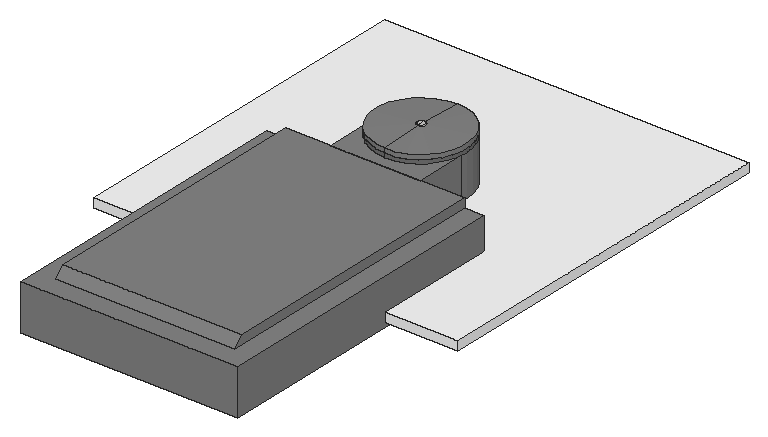
Revit family "BE_84590_de_DE", category Leuchten, Revit 2020
Family settings
  Basisbauteil = Fläche
  Bemaßung runder Anschluss = Durchmesser verwenden
  Teiletyp = Normal
  Beim Laden mit Abzugskörper schneiden = Ja
  Lichtquelle = Ja
  Gemeinsam genutzt = Nein
  Raumberechnungspunkt = Ja
Parameters (values of type "BEGA_84590_Grafit_K3")
  built-in parameter 1150104 = 16.695 (stored number, unit not read)
  Wattage = 33.5 W
  Default Elevation = 0 mm
  built-in parameter 1150113 = 1 (stored number, unit not read)
  built-in parameter 1114218 = 1 (stored number, unit not read)
  Umgebungstemperatur = "25 °C"
  URL = "https://www.bega.com/de/produkt/84590"
  Typenkommentare = "© 2022 BEGA. Wir behalten uns das Recht vor, technische Änderungen ohne vorherige Ankündigung vorzunehmen."  # constant formula
  Type Image = 84590.png
  built-in parameter 1150134 = (empty or 0)
  built-in parameter 1150109 = 1 (stored number, unit not read)
  Strom = ""
  built-in parameter 1150110 = 1 (stored number, unit not read)
  Spannung = 239.996 V
  Sonderanfertigung = no
  Seriennummer [instance] = "Hier können Sie die eindeutige Seriennummer für das Facility Management eintragen."
  Schutzklasse = "II"
  Schutzart = "IP 66"
  Scheinlast = 0 VA
  Produktdatenblatt = "https://cdn.bega.com/bega/products/84590K4/current/documents/data-sheets/de"
  Oberflächentemperatur = ""
  Neigungswinkel = 0.00°
  Modell = "84590K3"
  Material_18 = BEGA_Gummi_schwarz
  Material_17 = BEGA_Reflektor
  Material_15 = BEGA_Leuchtmedium_matt
  Material_11 = BEGA_Glas_opal
  Material_09 = BEGA_Glas_klar
  Material_06 = BEGA_Oberfläche_Edelstahl_gebürstet
  Material_03 = BEGA_Oberfläche_Weiss_matt
  Material_02 = BEGA_Oberfläche_Silber_matt
  Material_01 [instance] = BEGA_Oberfläche_Grafit_matt
  M_W = no
  M_G = yes
  M_A = no
  Logo = 0
  built-in parameter 1114217 = 1 (stored number, unit not read)
  built-in parameter 1150139 = (empty or 0)
  built-in parameter 1150105 = 479.05 (stored number, unit not read)
  built-in parameter 1150114 = 1 (stored number, unit not read)
  Lumens = 6019.95 lm
  built-in parameter 1150115 = 1 (stored number, unit not read)
  Leuchtenlichtstrom = "4668 lm"
  Leuchtenanzahl = ""
  Lebensdauerkriterien = "L70B50 @ 25 °C = 200000 h"
  Lastklassifizierung = Beleuchtung
  built-in parameter 1150112 = 1 (stored number, unit not read)
  Lampenlichtstrom = "6020 lm"
  Lampe = "LED 31 W"
  LED_Modulbezeichnung = "2x LED-1078/830"
  Hersteller = "BEGA"  # constant formula
  Halbstreuwinkel = ""
  Gewicht = "5.6 kg"
  Gebrauchslageneinschränkung [instance] = ""
  Frequenz = "0/50-60 Hz"
  Farbwiedergabeindex = "CRI > 80"
  Farbtemperaturverschiebung bei Dämpfen der Lampe = <Keine Auswahl>
  Farbtemperatur = "3000 K"
  Color Filter = 16777215
  built-in parameter 1150133 = 10 (stored number, unit not read)
  Energieeffizienzklasse = "LED A++ - A"
  built-in parameter 1150137 = (empty or 0)
  built-in parameter 1150132 = (empty or 0)
  ENEC = "ja"
  Dimmbar [instance] = "DALI"
  Datei für fotometrisches Netz = "BE_84590K3.IES"
  CE_Konformität = "ja"
  Bestellnummer = "84590K3"
  Beschreibung_Sonderanfertigung = "Hier können Sie Informationen zur Sonderanfertigung eintragen."
  Beschreibung = "Aufsatzleuchte"
  built-in parameter 1150106 = 4.7905 (stored number, unit not read)
  Befestigungsbohrung = ""
  Befestigungsabstand = ""
  Ballwurfsicher = ""
  BEGA_Intern_aus = yes
  BEGA_Intern_an = yes
  BEGA_Intern_Konstruktion = yes
  BEGA_Intern = yes
  BEGA_IES = yes
  BEGA_Dummy = no
  Anschlussleitung = "8.0 m X05BQ-F 4 × 1 mm²"
  Anschlussleistung [instance] = "33.5 W"
  Anschlusskasten = ""
  built-in parameter 1150107 = 3000 (stored number, unit not read)
  built-in parameter 1150102 = (empty or 0)
  built-in parameter 1150138 = (empty or 0)
  Aktualisierung = "2022-05-19T04:00:07"
  Abstand_zur_angestrahlten_Fläche [instance] = ""
  AC/DC = "AC/DC"
Types (2, lengths in mm): name | built-in parameter 1150104 | built-in parameter 1150134 | Modell | built-in parameter 1150105 | Lumens | Leuchtenlichtstrom | Lampenlichtstrom | LED_Modulbezeichnung | Farbtemperatur | Datei für fotometrisches Netz | Bestellnummer | built-in parameter 1150106 | built-in parameter 1150107
  BEGA_84590_Grafit_K3 | 16.695 (stored number, unit not read) | (empty or 0) | "84590K3" | 479.05 (stored number, unit not read) | 6019.95 lm | "4668 lm" | "6020 lm" | "2x LED-1078/830" | "3000 K" | "BE_84590K3.IES" | "84590K3" | 4.7905 (stored number, unit not read) | 3000 (stored number, unit not read)
  BEGA_84590_Grafit_K4 | 17.167 (stored number, unit not read) | 12 | "84590K4" | 492.59 (stored number, unit not read) | 6190.13 lm | "4800 lm" | "6190 lm" | "2x LED-1078/840" | "4000 K" | "BE_84590K4.IES" | "84590K4" | 4.9259 (stored number, unit not read) | 4000 (stored number, unit not read)
Reference planes
  plane 1 "Mitte (Vorne/Hinten)": y = 0
  plane 2: z = 0
  plane 3 "Mitte (Links/Rechts)": x = 0
  plane 4 "Links": x = -119.52
  plane 5 "Rechts": x = 119.52
  plane 6 "Unten": y = -401.92
  plane 7 "Oben": y = 50
  plane 8 "Vorne": z = 56.3
  plane 9 "Hinten": z = -100
Forms (mm)
  Extrusion 1, solid, material "BEGA_Platte_Weiss"
    sketch origin (0, -1119.2, 0) x (1, 0, 0) y (0, 1, 0)
      loop
        line (-200, 1319.2) -> (-200, 919.2) -> (200, 919.2) -> (200, 1319.2) -> (-200, 1319.2)
    from 0 to -10
  Extrusion 2, solid, material "BEGA_Dummy_matt", visible <- "BEGA_Dummy"
    sketch origin (80.095, -76.023, 0) x (1, 0, 0) y (0, 1, 0)
      loop
        line (-199.615, 126.023) -> (-199.615, -325.897) -> (39.425, -325.897) -> (39.425, 126.023) -> (-199.615, 126.023)
    from -15.3 to 56.3
Dimensions and locks
  plane 1 "Mitte (Vorne/Hinten)" to Extrusion 1 = 200 mm
  aligned and locked: plane 2 to Extrusion 1
  aligned and locked: level to Extrusion 1
Nested families
  nested 1: "BE_84590" at (0, 0, 0), type "BE_84590"
Connectors
  electrical at (0, 0, 0), driven by "Lastklassifizierung", driven by "Spannung", driven by "Scheinlast"
    settings: index 1, voltage 239.996 V, apparent load 0 VA, apparent load phase1 0 VA, apparent load phase2 0 VA, apparent load phase3 0 VA, power factor 1, load classification "Beleuchtung", number of poles 1, system type 31, power factor state 1, is connector primary yes, connector utility no, sub classification motor no, connector description ""
Definition of nested family "BE_84590"
  Parameters (values of type "BE_84590")
    Default Elevation = 1 mm
    URL = "http://www.bega.de/de/produkt"
    Type Comments = "© 2015 BEGA. Wir behalten uns das Recht vor, technische Änderungen ohne vorherige Ankündigung vorzunehmen. "  # constant formula
    Type Image = (empty or 0)
    Neigungswinkel_um_Z2 = 0.00°
    Neigungswinkel_um_Z1 = 0.00°
    Neigungswinkel_um_Y2 = 0.00°
    Neigungswinkel_um_Y1 = 0.00°
    Neigungswinkel_um_X2 = 0.00°
    Neigungswinkel_um_X1 = 0.00°
    Material_18 = none
    Material_17 = none
    Material_15 = none
    Material_11 = none
    Material_09 = none
    Material_06 = none
    Material_02 = none
    Material_01 = none
    M_W = yes
    M_G = yes
    M_A = yes
    Länge_Platte = 200 mm  # constant formula
    Höhe_Platte = -10 mm  # constant formula
    Manufacturer = "BEGA"  # constant formula
    Drehwinkel_um_Z2 = 0.00°
    Drehwinkel_um_Z1 = 0.00°
    Breite_Platte = 200 mm  # constant formula
  Reference planes
    plane 1 "Mitte (Oben/Unten)": y = 0
    plane 2: z = 0
    plane 3 "Mitte (Links/Rechts)": x = 0
    plane 4: y = 50
    plane 5: y = -401.92
    plane 6: x = -119.52
    plane 7: x = 119.52
    plane 8: z = -100
    plane 9: z = 56.3
  Forms (mm)
    Extrusion 1, solid, detail levels medium
      sketch origin (0, 0, 0) x (1, 0, 0) y (0, 1, 0)
        loop
          line (-100, 100) -> (-100, -100) -> (100, -100) -> (100, 100) -> (-100, 100)
      from 0 to -10 <- "Höhe_Platte"
    Revolve 2, solid, material <- "Material_01"
      sketch origin (0, 0, 0) x (0, 1, 0) y (0, 0, 1)
        loop
          arc (49.913, 53.5) -> (27.246, 54.905) -> (4.543, 55.483) r 623.82
          line (4.543, 55.483) -> (4.5, 50.5) -> (2.676, 50.5) -> (2.5, 47.5) -> (42.041, 47.5) -> (42.093, 43) -> (44.904, 43) -> (45, 48.5) -> (50, 48.5) -> (49.913, 53.5)
        axis (0, 55.483) -> (0, 43)
      angle from 0 to 360
    Revolve 3, solid, material <- "Material_18"
      sketch origin (0, 0, 0) x (0, 1, 0) y (0, 0, 1)
        loop
          line (50, 44.5) -> (50, 48.5) -> (45, 48.5) -> (45, 44.5) -> (50, 44.5)
        axis (0, 48.5) -> (0, 44.5)
      angle from 0 to 360
    Revolve 4, solid, material <- "Material_01"
      sketch origin (0, 0, 0) x (0, 1, 0) y (0, 0, 1)
        loop
          line (50, -15.5) -> (50, 44.5) -> (46, 44.5) -> (43.308, 6) -> (24, 6) -> (22.237, -95) -> (0, -95) -> (0, -100) -> (24.201, -100) -> (27.307, -97) -> (29, 0) -> (38.75, 0) -> (38.885, -15.5) -> (50, -15.5)
        axis (0, 44.5) -> (0, -100)
      angle from 0 to 360
    Extrusion 5, solid, material <- "Material_09"
      sketch origin (0, 0, 0) x (0, 1, 0) y (0, 0, 1)
        loop
          line (-198.009, -11.3) -> (-394.161, -11.3) -> (-394.161, -15.3) -> (-198.009, -15.3) -> (-198.009, -11.3)
      from -111.791 to 111.791
    Extrusion 6, solid, material <- "Material_01"
      sketch origin (0, 0, 0) x (1, 0, 0) y (0, 1, 0)
        loop
          line (115.955, -398.355) -> (115.955, -66.445) -> (-115.955, -66.445) -> (-115.955, -398.355) -> (115.955, -398.355)
        loop
          line (-111.791, -198.009) -> (-111.791, -394.161) -> (111.791, -394.161) -> (111.791, -198.009) -> (-111.791, -198.009)
      from -15.7 to -12.7
    Extrusion 7, solid, material <- "Material_01"
      sketch origin (0, 0, 0) x (1, 0, 0) y (0, 1, 0)
        loop
          line (-49.433, -62.88) -> (49.433, -62.88) -> (49.433, -7.51)
          arc (49.433, -7.51) -> (32.592, -37.918) -> (0, -50) r 50
          arc (0, -50) -> (-32.592, -37.918) -> (-49.433, -7.51) r 50
          line (-49.433, -7.51) -> (-49.433, -62.88)
      from -15.5 to 44.5
    Extrusion 8, solid, material <- "Material_01"
      sketch origin (0, 0, 0) x (1, 0, 0) y (0, 1, 0)
        loop
          line (-119.52, -62.88) -> (-119.52, -401.92) -> (119.52, -401.92) -> (119.52, -62.88) -> (-119.52, -62.88)
        loop
          line (-115.955, -66.841) -> (-115.955, -398.355) -> (115.955, -398.355) -> (115.955, -66.841) -> (-115.955, -66.841)
      from -15.7 to 34.7
    Extrusion 9, solid, material <- "Material_01"
      sketch origin (0, 0, 0) x (1, 0, 0) y (0, 1, 0)
        loop
          line (119.52, -62.88) -> (-119.52, -62.88) -> (-119.52, -401.92) -> (119.52, -401.92) -> (119.52, -62.88)
      from 31.77 to 34.7
    Extrusion 10, solid, material <- "Material_01"
      sketch origin (0, 0, 0) x (0, 1, 0) y (0, 0, 1)
        loop
          line (-369.622, 44.5) -> (-379.422, 34.7) -> (-62.88, 34.7) -> (-62.88, 44.5) -> (-369.622, 44.5)
      from -98.5 to 98.5
    Revolve 11, solid, material <- "Material_06"
      sketch origin (0, 0, 0) x (0, 1, 0) y (0, 0, 1)
        loop
          line (0, 56.3) -> (-4.25, 56.3) -> (-4.25, 51.3) -> (0, 51.3) -> (0, 56.3)
        axis (0, 51.3) -> (0, 56.3)
      angle from 0 to 360
    Extrusion 12, solid, material <- "Material_17"
      sketch origin (0, 0, 0) x (0, 1, 0) y (0, 0, 1)
        loop
          line (-386.9, -11.2) -> (-382.9, -11.2) -> (-332.903, 27.77) -> (-302.89, 27.77)
          arc (-302.89, 27.77) -> (-298.38, 8.543) -> (-297.9, -11.2) r 96
          line (-297.9, -11.2) -> (-294.9, -11.2) -> (-244.903, 27.77) -> (-214.89, 27.77)
          arc (-214.89, 27.77) -> (-210.38, 8.543) -> (-209.9, -11.2) r 96
          line (-209.9, -11.2) -> (-206.7, -11.2) -> (-206.642, -9.7) -> (-208.291, -9.7)
          arc (-208.291, -9.7) -> (-209.028, 9.75) -> (-213.613, 28.665) r 97.5
          line (-213.613, 28.665) -> (-246.194, 28.665) -> (-296.338, -10.419)
          arc (-296.338, -10.419) -> (-296.979, 9.393) -> (-301.613, 28.665) r 97.5
          line (-301.613, 28.665) -> (-334.194, 28.665) -> (-383.416, -9.7) -> (-386.9, -9.7) -> (-386.9, -11.2)
      from -102.5 to 102.5
    Extrusion 13, solid, material <- "Material_17"
      sketch origin (0, 0, 0) x (1, 0, 0) y (0, 0, 1)
        loop
          arc (0, 17.865) -> (-36.29, 26.056) -> (-73.35, 29.3) r 276.5
          line (-73.35, 29.3) -> (-73.35, 27.8)
          arc (-73.35, 27.8) -> (-36.285, 24.537) -> (0, 16.3) r 275
          arc (0, 16.3) -> (36.285, 24.537) -> (73.35, 27.8) r 275
          line (73.35, 27.8) -> (73.35, 29.3)
          arc (73.35, 29.3) -> (36.289, 26.056) -> (0, 17.865) r 276.5
        loop
          line (-99.956, 28.1) -> (-101.085, 28.1)
          arc (-101.085, 28.1) -> (-96.517, 7.797) -> (-85.251, -9.7) r 59.638
          line (-85.251, -9.7) -> (-102.558, -9.7) -> (-102.558, -10.644) -> (-84.132, -10.644) -> (-84.132, -9.7)
          arc (-84.132, -9.7) -> (-95.194, 7.881) -> (-99.956, 28.1) r 63.168
        loop
          arc (99.956, 28.1) -> (95.194, 7.881) -> (84.132, -9.7) r 63.168
          line (84.132, -9.7) -> (84.132, -10.644) -> (102.558, -10.644) -> (102.558, -9.7) -> (85.251, -9.7)
          arc (85.251, -9.7) -> (96.517, 7.797) -> (101.085, 28.1) r 59.638
          line (101.085, 28.1) -> (99.956, 28.1)
      from 206.7 to 386.9
    Extrusion 14, void
      sketch origin (0, 0, 0) x (1, 0, 0) y (0, 1, 0)
        loop
          line (-76.862, -244.038) -> (-76.862, -216.762) -> (-96.138, -216.762) -> (-96.138, -244.038) -> (-76.862, -244.038)
        loop
          line (76.862, -244.038) -> (96.138, -244.038) -> (96.138, -216.762) -> (76.862, -216.762) -> (76.862, -244.038)
        loop
          line (-76.862, -332.038) -> (-76.862, -304.762) -> (-96.138, -304.762) -> (-96.138, -332.038) -> (-76.862, -332.038)
        loop
          line (76.862, -332.038) -> (96.138, -332.038) -> (96.138, -304.762) -> (76.862, -304.762) -> (76.862, -332.038)
      from 30.046 to 16.3
    Extrusion 15, solid, material <- "Material_01"
      sketch origin (0, 0, 0) x (1, 0, 0) y (0, 1, 0)
        loop
          line (97.5, -208.1) -> (-97.5, -208.1) -> (-97.5, -384.1) -> (97.5, -384.1) -> (97.5, -208.1)
        loop
          line (110.75, -198.85) -> (-110.75, -198.85) -> (-110.75, -393.35) -> (110.75, -393.35) -> (110.75, -198.85)
      from -11.3 to -10.419
    Extrusion 16, solid, material <- "Material_15"
      sketch origin (0, 0, 0) x (1, 0, 0) y (0, 1, 0)
        loop
          line (-95.319, -217.581) -> (-95.319, -243.219) -> (-77.681, -243.219) -> (-77.681, -217.581) -> (-95.319, -217.581)
        loop
          line (95.319, -217.581) -> (77.681, -217.581) -> (77.681, -243.219) -> (95.319, -243.219) -> (95.319, -217.581)
        loop
          line (-95.319, -305.581) -> (-95.319, -331.219) -> (-77.681, -331.219) -> (-77.681, -305.581) -> (-95.319, -305.581)
        loop
          line (95.319, -305.581) -> (77.681, -305.581) -> (77.681, -331.219) -> (95.319, -331.219) -> (95.319, -305.581)
      from 28.665 to 30.3
  Cuts and joins
    joined: Revolve 4, Extrusion 7
    Extrusion 14 cuts Extrusion 8
    Extrusion 14 cuts Extrusion 9
    Extrusion 14 cuts Extrusion 10
    joined: Extrusion 8, Extrusion 9, Extrusion 10
    Extrusion 14 cuts Extrusion 13
    Extrusion 14 cuts Extrusion 12
  Dimensions and locks
    equal spacing: Extrusion 1 sketch curve, plane 3 "Mitte (Links/Rechts)", Extrusion 1 sketch curve
    equal spacing: Extrusion 1 sketch curve, plane 1 "Mitte (Oben/Unten)", Extrusion 1 sketch curve
    "Länge_Platte": Extrusion 1 sketch curve to Extrusion 1 sketch curve
    "Breite_Platte": Extrusion 1 sketch curve to Extrusion 1 sketch curve
    aligned and locked: plane 2 to Extrusion 1
    aligned and locked: level to Extrusion 1
  Automatic sketch dimensions
    level to Revolve 2 sketch curve = 43 mm
    Revolve 2 sketch curve to Revolve 2 sketch curve = 2.811 mm
    Revolve 2 sketch curve to Revolve 2 sketch curve = 0.096 mm
    Revolve 2 sketch curve to Revolve 2 sketch curve = 4.913 mm
    Revolve 2 sketch curve to Revolve 2 sketch curve = 0.087 mm
    Revolve 2 sketch curve to Revolve 2 sketch curve = 5.5 mm
    Revolve 2 sketch curve to Revolve 2 sketch curve = 5 mm
    Revolve 2 sketch curve to Revolve 2 sketch curve = 2.959 mm
    Revolve 2 sketch curve to Revolve 2 sketch curve = 1 mm
    Revolve 2 sketch curve to plane 1 "Mitte (Oben/Unten)" = 0 mm  (x2)
    Revolve 2 sketch curve to plane 1 "Mitte (Oben/Unten)" = 4.543 mm
    Revolve 2 sketch curve to Revolve 2 sketch curve = 4.983 mm
    Revolve 2 sketch curve to plane 1 "Mitte (Oben/Unten)" = 2.676 mm
    Revolve 2 sketch curve to plane 1 "Mitte (Oben/Unten)" = 2.5 mm
    Revolve 2 sketch curve to Revolve 2 sketch curve = 1.824 mm
    Revolve 2 sketch curve to Revolve 2 sketch curve = 3 mm
    Revolve 2 sketch curve to Revolve 2 sketch curve = 37.541 mm
    Revolve 3 sketch curve to plane 1 "Mitte (Oben/Unten)" = 45 mm
    level to Revolve 3 sketch curve = 44.5 mm
    Revolve 3 sketch curve to Revolve 3 sketch curve = 5 mm
    Revolve 3 sketch curve to Revolve 3 sketch curve = 4 mm
    Extrusion 5 sketch curve to level = 15.3 mm
    Extrusion 5 sketch curve to Extrusion 5 sketch curve = 4 mm
    Extrusion 6 sketch curve to Extrusion 6 sketch curve = 4.194 mm
    plane 1 "Mitte (Oben/Unten)" to Extrusion 6 sketch curve = 66.445 mm
    plane 1 "Mitte (Oben/Unten)" to Extrusion 7 sketch curve = 7.51 mm  (x2)
    plane 1 "Mitte (Oben/Unten)" to Extrusion 7 sketch curve = 0 mm
    plane 3 "Mitte (Links/Rechts)" to Extrusion 7 sketch curve = 49.433 mm
    Extrusion 7 sketch curve to Extrusion 7 sketch curve = 12.88 mm
    Extrusion 7 sketch curve to Extrusion 7 sketch curve = 0 mm
    Extrusion 7 sketch curve to plane 3 "Mitte (Links/Rechts)" = 0 mm
    Extrusion 8 sketch curve to Extrusion 8 sketch curve = 3.565 mm  (x3)
    Extrusion 8 sketch curve to Extrusion 8 sketch curve = 3.961 mm
    plane 1 "Mitte (Oben/Unten)" to Extrusion 8 sketch curve = 62.88 mm
    plane 1 "Mitte (Oben/Unten)" to Extrusion 9 sketch curve = 62.88 mm
    plane 1 "Mitte (Oben/Unten)" to Extrusion 10 sketch curve = 62.88 mm
    level to Extrusion 10 sketch curve = 34.7 mm
    Extrusion 10 sketch curve to Extrusion 10 sketch curve = 9.8 mm  (x2)
    plane 1 "Mitte (Oben/Unten)" to Revolve 11 sketch curve = 4.25 mm
    level to Revolve 11 sketch curve = 51.3 mm
    Revolve 11 sketch curve to Revolve 11 sketch curve = 5 mm
    Revolve 11 sketch curve to plane 1 "Mitte (Oben/Unten)" = 0 mm
    Extrusion 12 sketch curve to Extrusion 12 sketch curve = 0 mm  (x6)
    Extrusion 12 sketch curve to level = 3.649 mm  (x2)
    Extrusion 12 sketch curve to Extrusion 12 sketch curve = 6.703 mm
    Extrusion 12 sketch curve to Extrusion 12 sketch curve = 3.484 mm
    Extrusion 12 sketch curve to Extrusion 12 sketch curve = 0.516 mm
    level to Extrusion 12 sketch curve = 28.665 mm
    Extrusion 12 sketch curve to Extrusion 12 sketch curve = 49.222 mm
    Extrusion 12 sketch curve to Extrusion 12 sketch curve = 1.291 mm
    Extrusion 12 sketch curve to Extrusion 12 sketch curve = 27.3 mm
    Extrusion 12 sketch curve to Extrusion 12 sketch curve = 30.013 mm  (x2)
    Extrusion 12 sketch curve to Extrusion 12 sketch curve = 1.276 mm  (x2)
    Extrusion 12 sketch curve to Extrusion 12 sketch curve = 7.703 mm
    Extrusion 12 sketch curve to level = 10.419 mm
    Extrusion 12 sketch curve to level = 11.2 mm  (x3)
    Extrusion 12 sketch curve to Extrusion 12 sketch curve = 1.438 mm
    Extrusion 12 sketch curve to Extrusion 12 sketch curve = 1.292 mm
    Extrusion 12 sketch curve to Extrusion 12 sketch curve = 1.609 mm
    Extrusion 12 sketch curve to Extrusion 12 sketch curve = 1.591 mm
    Extrusion 12 sketch curve to Extrusion 12 sketch curve = 0.058 mm
    Extrusion 12 sketch curve to Extrusion 12 sketch curve = 1.5 mm  (x2)
    Extrusion 14 sketch curve to plane 3 "Mitte (Links/Rechts)" = 96.138 mm
    Extrusion 14 sketch curve to Extrusion 14 sketch curve = 0 mm  (x2)
    Extrusion 14 sketch curve to Extrusion 14 sketch curve = 19.276 mm  (x4)
    plane 3 "Mitte (Links/Rechts)" to Extrusion 14 sketch curve = 76.862 mm  (x2)
    Extrusion 14 sketch curve to Extrusion 14 sketch curve = 27.276 mm  (x4)
    Extrusion 14 sketch curve to Extrusion 14 sketch curve = 60.724 mm  (x2)
    plane 3 "Mitte (Links/Rechts)" to Extrusion 15 sketch curve = 97.5 mm
    Extrusion 15 sketch curve to Extrusion 15 sketch curve = 13.25 mm  (x2)
    Extrusion 15 sketch curve to Extrusion 15 sketch curve = 176 mm
    Extrusion 15 sketch curve to Extrusion 15 sketch curve = 9.25 mm  (x2)
    Extrusion 15 sketch curve to plane 3 "Mitte (Links/Rechts)" = 97.5 mm
    Extrusion 13 sketch curve to Extrusion 13 sketch curve = 0 mm  (x7)
    Extrusion 13 sketch curve to level = 9.7 mm  (x3)
    Extrusion 13 sketch curve to Extrusion 13 sketch curve = 1.474 mm
    Extrusion 13 sketch curve to Extrusion 13 sketch curve = 1.129 mm  (x2)
    Extrusion 13 sketch curve to Extrusion 13 sketch curve = 17.307 mm  (x2)
    Extrusion 13 sketch curve to Extrusion 13 sketch curve = 1.119 mm  (x2)
    Extrusion 13 sketch curve to plane 3 "Mitte (Links/Rechts)" = 78.879 mm
    Extrusion 13 sketch curve to Extrusion 13 sketch curve = 26.606 mm  (x2)
    level to Extrusion 13 sketch curve = 30.839 mm
    Extrusion 13 sketch curve to Extrusion 13 sketch curve = 31.84 mm  (x2)
    Extrusion 13 sketch curve to Extrusion 13 sketch curve = 4.584 mm  (x2)
    plane 3 "Mitte (Links/Rechts)" to Extrusion 13 sketch curve = 36.926 mm
    plane 3 "Mitte (Links/Rechts)" to Extrusion 13 sketch curve = 78.879 mm
    Extrusion 13 sketch curve to Extrusion 13 sketch curve = 10.782 mm
    Extrusion 13 sketch curve to Extrusion 13 sketch curve = 0.944 mm  (x3)
    Extrusion 13 sketch curve to Extrusion 13 sketch curve = 0.3 mm  (x2)
    level to Extrusion 13 sketch curve = 27.8 mm
    Extrusion 13 sketch curve to Extrusion 13 sketch curve = 1.5 mm  (x2)
    Extrusion 16 sketch curve to plane 3 "Mitte (Links/Rechts)" = 95.319 mm
    Extrusion 16 sketch curve to Extrusion 16 sketch curve = 0 mm  (x2)
    Extrusion 16 sketch curve to Extrusion 16 sketch curve = 17.637 mm  (x4)
    plane 3 "Mitte (Links/Rechts)" to Extrusion 16 sketch curve = 77.681 mm  (x2)
    Extrusion 16 sketch curve to Extrusion 16 sketch curve = 25.637 mm  (x4)
    Extrusion 16 sketch curve to Extrusion 16 sketch curve = 62.363 mm  (x2)
    Revolve 4 sketch curve to plane 1 "Mitte (Oben/Unten)" = 0 mm  (x2)
    Revolve 4 sketch curve to level = 0 mm
    Revolve 4 sketch curve to Revolve 4 sketch curve = 22.237 mm
    level to Revolve 4 sketch curve = 6 mm
    Revolve 4 sketch curve to plane 1 "Mitte (Oben/Unten)" = 24 mm
    Revolve 4 sketch curve to Revolve 4 sketch curve = 1.964 mm
    Revolve 4 sketch curve to Revolve 4 sketch curve = 3.106 mm
    Revolve 4 sketch curve to Revolve 4 sketch curve = 5 mm  (x2)
    Revolve 4 sketch curve to Revolve 4 sketch curve = 9.75 mm
    Revolve 4 sketch curve to level = 15.5 mm
    Revolve 4 sketch curve to Revolve 4 sketch curve = 0.135 mm
    Revolve 4 sketch curve to Revolve 4 sketch curve = 4.558 mm
    Revolve 4 sketch curve to Revolve 4 sketch curve = 2.692 mm
    Revolve 4 sketch curve to Revolve 4 sketch curve = 4 mm
    Revolve 4 sketch curve to Revolve 4 sketch curve = 38.5 mm
    Extrusion 6 sketch curve to plane 3 "Mitte (Links/Rechts)" = 111.791 mm
    Extrusion 6 sketch curve to Extrusion 6 sketch curve = 4.164 mm
    Extrusion 8 sketch curve to plane 3 "Mitte (Links/Rechts)" = 115.955 mm
    Extrusion 9 sketch curve to plane 3 "Mitte (Links/Rechts)" = 119.52 mm
    Extrusion 13 sketch curve to plane 3 "Mitte (Links/Rechts)" = 84.132 mm
    plane 1 "Mitte (Oben/Unten)" to Extrusion 5 sketch curve = 394.161 mm
    Extrusion 5 sketch curve to Extrusion 5 sketch curve = 196.151 mm
    Extrusion 6 sketch curve to Extrusion 6 sketch curve = 131.564 mm
    Extrusion 6 sketch curve to Extrusion 6 sketch curve = 196.151 mm
    Extrusion 8 sketch curve to Extrusion 8 sketch curve = 331.514 mm
    Extrusion 9 sketch curve to Extrusion 9 sketch curve = 339.04 mm
    Extrusion 10 sketch curve to Extrusion 10 sketch curve = 306.742 mm
    plane 1 "Mitte (Oben/Unten)" to Extrusion 12 sketch curve = 393.603 mm
    Extrusion 12 sketch curve to Extrusion 12 sketch curve = 55.419 mm
    Extrusion 12 sketch curve to Extrusion 12 sketch curve = 4.99 mm
    plane 1 "Mitte (Oben/Unten)" to Extrusion 14 sketch curve = 332.038 mm
    plane 1 "Mitte (Oben/Unten)" to Extrusion 15 sketch curve = 393.35 mm
    plane 1 "Mitte (Oben/Unten)" to Extrusion 16 sketch curve = 331.219 mm
    plane 3 "Mitte (Links/Rechts)" to Extrusion 6 sketch curve = 111.791 mm
    plane 3 "Mitte (Links/Rechts)" to Extrusion 6 sketch curve = 115.955 mm
    plane 3 "Mitte (Links/Rechts)" to Extrusion 8 sketch curve = 115.955 mm
    plane 3 "Mitte (Links/Rechts)" to Extrusion 9 sketch curve = 119.52 mm
    Revolve 2 sketch curve to level = 245.232 mm
    Revolve 4 sketch curve to Revolve 4 sketch curve = 79.5 mm
    Revolve 4 sketch curve to Revolve 4 sketch curve = 2 mm
    Revolve 4 sketch curve to Revolve 4 sketch curve = 145.232 mm
    Extrusion 13 sketch curve to Extrusion 13 sketch curve = 236.501 mm
    Revolve 2 sketch curve to Revolve 2 sketch curve = 309.58 mm
    Revolve 4 sketch curve to Revolve 4 sketch curve = 320.563 mm
